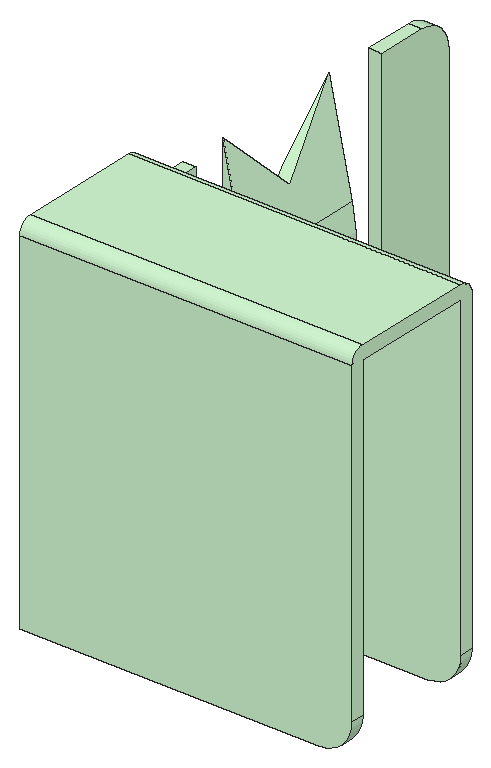
Revit family "tenkenkot_right", category 機械設備, Revit 2022
Family settings
  丸型コネクタ寸法 = 直径を使用
  種別 = なし
  パーツ タイプ = 標準
  作業面ベース = いいえ
  常に垂直 = はい
  ロード時にボイドで切り取り = いいえ
  注釈の向きを維持 = いいえ
  共有 = いいえ
  部屋計算ポイント = いいえ
Parameters
  製造元 = "株式会社桐井製作所"
  既定の高さ = 0 mm
  URL = "https://www.kirii.co.jp/"
  K_材質 = "溶融亜鉛めっき鋼板及び鋼帯 SGCC 一般用"
  K_品名 = "点検口T+アクセス右"
  K_名称 = "点検口金具"
  K_入数 = "1500"
  K_バージョン情報 = "20220915"
  K_めっき付着量 = "Z12"
  K_JIS規格 = "JIS G 3302"
Reference planes
  plane 1 "中心(正面/背面)": y = 0
  plane 2: z = 0
  plane 3 "中心(左/右)": x = 0
Forms (mm)
  Extrusion 1, solid
    sketch origin (0, 0.2, 0) x (0, 1, 0) y (0, 0, -1)
      loop
        line (3.5, -2.5) -> (3.5, -23.7) -> (-3.9, -23.7) -> (-3.9, -2.5) -> (-4.7, -2.5) -> (-4.7, -23.7)
        arc (-4.7, -23.7) -> (-4.466, -24.266) -> (-3.9, -24.5) r 0.8
        line (-3.9, -24.5) -> (3.5, -24.5)
        arc (3.5, -24.5) -> (4.066, -24.266) -> (4.3, -23.7) r 0.8
        line (4.3, -23.7) -> (4.3, -2.5) -> (3.5, -2.5)
    from -25 to -5
  Extrusion 2, void
    sketch origin (0, -7.8, 0) x (1, 0, 0) y (0, 0, 1)
      loop
        line (25, 2.5) -> (25, 4.5)
        arc (25, 4.5) -> (24.414, 3.086) -> (23, 2.5) r 2
        line (23, 2.5) -> (25, 2.5)
    from -4.1 to -3.3
  Extrusion 3, solid
    sketch origin (-0.18, 0.2, 0) x (1, 0, 0) y (0, 0, -1)
      loop
        line (0.98, -17.8) -> (0.98, 0) -> (0.18, 0) -> (0.18, -17.8) -> (0.98, -17.8)
    from 4.3 to 32.8
  Extrusion 4, void
    sketch origin (0, 0.4, 0) x (1, 0, 0) y (0, 0, 1)
      loop
        line (25, 2.5) -> (25, 4.5)
        arc (25, 4.5) -> (24.414, 3.086) -> (23, 2.5) r 2
        line (23, 2.5) -> (25, 2.5)
    from -4.1 to -3.3
  Extrusion 5, void
    sketch origin (0, 0.2, 0) x (0, 1, 0) y (0, 0, 1)
      loop
        line (13.8, 17.8) -> (13.8, 5) -> (27.8, 5) -> (27.8, 17.8) -> (13.8, 17.8)
    from 0 to 0.8
  Extrusion 6, void
    sketch origin (0, 0.2, 0) x (0, 1, 0) y (0, 0, 1)
      loop
        line (10.8, 17.8) -> (4.3, 17.8) -> (4.3, 14) -> (8.8, 14) -> (8.8, 15.8)
        arc (8.8, 15.8) -> (9.386, 17.214) -> (10.8, 17.8) r 2
      loop
        line (8.864, 2.5) -> (4.3, 2.5) -> (4.3, 0) -> (10.8, 0)
        arc (10.8, 0) -> (9.219, 0.775) -> (8.864, 2.5) r 2
      loop
        line (32.8, 17.8) -> (30.8, 17.8)
        arc (30.8, 17.8) -> (32.214, 17.214) -> (32.8, 15.8) r 2
        line (32.8, 15.8) -> (32.8, 17.8)
      loop
        line (30.8, 0) -> (32.8, 0) -> (32.8, 2)
        arc (32.8, 2) -> (32.214, 0.586) -> (30.8, 0) r 2
    from 0 to 0.8
  Extrusion 7, solid
    sketch origin (-0.876, 0.2, 0) x (1, 0, 0) y (0, 0, 1)
      loop
        line (0.876, 5) -> (1.676, 5)
        arc (1.676, 5) -> (2.476, 8.097) -> (2.258, 11.287) r 10
        line (2.258, 11.287) -> (0.876, 17.8) -> (0.876, 14.247) -> (1.533, 11.151)
        arc (1.533, 11.151) -> (1.725, 8.02) -> (0.876, 5) r 9.4
    from -24.8 to -16.8
  Extrusion 8, void
    sketch origin (-0.876, 0.2, 0) x (0, 1, 0) y (0, 0, 1)
      loop
        line (24.8, 17.8) -> (16.8, 17.8) -> (20.8, 13.8) -> (24.8, 17.8)
    from 0.695 to 1.797
  Extrusion 9, solid
    sketch origin (0, 0, 0) x (1, 0, 0) y (0, 0, 1)
      loop
        line (5, 2.554) -> (5, 14) -> (0, 14) -> (0, 2.554) -> (5, 2.554)
    from -4.5 to -3.7
Cuts and joins
  Extrusion 2, Extrusion 4 cuts Extrusion 1
  Extrusion 5, Extrusion 6 cuts Extrusion 3
  Extrusion 8 cuts Extrusion 7
  joined: Extrusion 1, Extrusion 3, Extrusion 7, Extrusion 9
Dimensions and locks
  aligned and locked: level to plane 2
